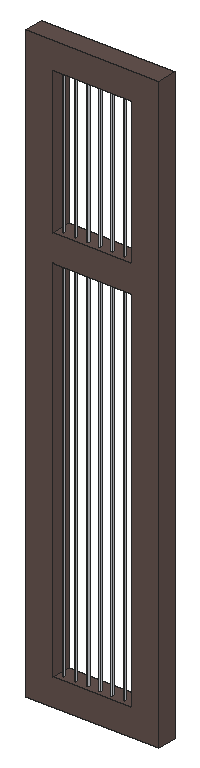
Revit family "RYN_WIN_1 Panel_VirticleLouvers_NoHost", category Windows, Revit 2025
Family settings
  Work Plane-Based = No
  Always vertical = Yes
  Cut with Voids When Loaded = No
  Shared = No
  Room Calculation Point = No
Parameters
  Virtical Louver = no
  Top part = RYN_WIN_Height - Bottom Part  # 1300 mm
  Top Lvr Height = Top part - RYN_WIN_FrameDepth  # 1100 mm
  RYN_WIN_Width = 1000 mm
  RYN_WIN_PanelWidth = RYN_WIN_Width - 2 * RYN_WIN_FrameDepth  # 600 mm
  RYN_WIN_Height = 4500 mm
  RYN_WIN_FrameThickness = 150 mm
  RYN_WIN_FrameDepth = 200 mm
  RYN_Material_WindowFrame = Door - Frame
  RYN_Material_Louver = Door - Panel
  Lvr Blade Width = 60 mm
  Lvr Blade Thickness = 10 mm
  Lvr Blade Side Length = 10 mm
  Lvr Blade Depth = 50 mm
  Louver Numbers = 7
  Default Elevation = 0 mm
  Bottom Part = 3200 mm
  Bottom Lvr Height = Bottom Part - 2 * RYN_WIN_FrameDepth  # 2800 mm
Reference planes
  plane 1 "Center (Front/Back)": y = 0
  plane 2: z = 0
  plane 3 "Center (Left/Right)": x = 0
  plane 4: x = -500
  plane 5: z = 4500
  plane 6: x = 500
  plane 7: z = 3200
  plane 8: z = 3000
  plane 9: z = 200
  plane 10: y = 75
  plane 11: y = -75
  plane 12: z = 4300
Forms (mm)
  Sweep 1, solid, material "Door - Frame" <- "RYN_Material_WindowFrame"
    path origin (0, 0, 0) x (1, 0, 0) y (0, 0, 1)
      loop
        line (-500, 0) -> (500, 0) -> (500, 4500) -> (-500, 4500) -> (-500, 0)
    profile origin (0, 0, 0) x (0, 0, 1) y (0, -1, 0)
      loop
        line (200, -75) -> (200, 75) -> (0, 75) -> (0, -75) -> (200, -75)
  Extrusion 2, solid, material "Door - Frame" <- "RYN_Material_WindowFrame"
    sketch origin (0, 0, 0) x (1, 0, 0) y (0, 0, 1)
      loop
        line (-300, 3000) -> (300, 3000) -> (300, 3200) -> (-300, 3200) -> (-300, 3000)
    from -75 to 75
Cuts and joins
  joined: Sweep 1, Extrusion 2
Dimensions and locks
  "RYN_WIN_Height": plane 5 to plane 2
  equal spacing: plane 6, plane 3 "Center (Left/Right)", plane 4
  "RYN_WIN_Width": plane 6 to plane 4
  equal spacing: Sweep 1 sketch curve, profile plane, Sweep 1 sketch curve
  "RYN_WIN_FrameThickness": Sweep 1 sketch curve to Sweep 1 sketch curve
  "RYN_WIN_FrameDepth": profile plane to Sweep 1 sketch curve
  "RYN_WIN_FrameDepth": plane 7 to plane 8
  "RYN_WIN_FrameDepth": plane 9 to plane 2
  equal spacing: Extrusion 2 sketch curve, plane 3 "Center (Left/Right)", Extrusion 2 sketch curve
  "RYN_WIN_PanelWidth": Extrusion 2 sketch curve to Extrusion 2 sketch curve
  equal spacing: plane 10, plane 1 "Center (Front/Back)", plane 11
  "RYN_WIN_FrameThickness": plane 10 to plane 11
  "Top part": plane 5 to plane 7
  aligned and locked: level to plane 2
  aligned and locked: Sweep 1 sketch curve to plane 2
  aligned and locked: Sweep 1 sketch curve to plane 4
  aligned and locked: plane 5 to Sweep 1 sketch curve
  aligned and locked: Sweep 1 sketch curve to plane 6
  aligned and locked: profile plane to Sweep 1 sketch curve
  aligned and locked: nested 2 to plane 7  (x2)
  aligned and locked: nested 1 to plane 9
  aligned and locked: plane 3 "Center (Left/Right)" to nested 1
  aligned and locked: plane 3 "Center (Left/Right)" to nested 2
  aligned and locked: Extrusion 2 sketch curve to plane 8
  aligned and locked: plane 7 to Extrusion 2 sketch curve
  aligned and locked: Extrusion 2 to plane 10
  aligned and locked: plane 11 to Extrusion 2
  aligned and locked: plane 1 "Center (Front/Back)" to nested 2
  aligned and locked: plane 1 "Center (Front/Back)" to nested 1
Nested families
  nested 1: "VIRTICAL LOUVER SET - BOTTOM" at (0, 0, 200), type "BOTTOM"
    with LVR NOS 7, LVR WIDTH 600 mm, LVR HEIGHT 2800 mm, LVR DIST 400 mm
  nested 2: "VIRTICAL LOUVER SET - TOP" at (0, 0, 3200), type "TOP"
    with LVR WIDTH 600 mm, LVR HEIGHT 1100 mm, LVR DIST 157.143 mm
Definition of nested family "VIRTICAL LOUVER SET - BOTTOM"
  Parameters (values of type "VIRTICAL LOUVER SET")
    Lvr Blade Width = 60 mm
    Lvr Blade Thickness = 10 mm
    Lvr Blade Side Length = 10 mm
    Lvr Blade Depth = 50 mm
    Louvers = Louver : Louver
    LVR NOS = 10
    Louver = none
    LVR WIDTH = 800 mm
    LVR HEIGHT = 1400 mm
    LVR DIST = LVR HEIGHT / LVR NOS  # 140 mm
    Default Elevation = 0 mm
  Reference planes
    plane 1 "Center (Front/Back)": y = 0
    plane 2: z = 0
    plane 3 "Center (Left/Right)": x = 0
    plane 4: x = 400
    plane 5: z = 1400
    plane 6: x = -400
    plane 7: x = -260
  Dimensions and locks
    "LVR WIDTH": plane 4 to plane 6
    equal spacing: plane 4, plane 3 "Center (Left/Right)", plane 6
    "LVR HEIGHT": plane 5 to plane 2
    "LVR DIST": plane 7 to plane 6
    equal spacing: group 2, group 4, group 5, group 6, group 7, group 8, group 9, group 10, group 11, group 3  (x3)
    aligned and locked: level to plane 2
    aligned and locked: nested 2 to plane 2
    aligned and locked: plane 6 to nested 2
    aligned and locked: nested 3 to plane 2
    aligned and locked: nested 3 to plane 4
    aligned and locked: plane 1 "Center (Front/Back)" to nested 2
    aligned and locked: plane 1 "Center (Front/Back)" to nested 3
  Nested families
    nested 1: "LOUVER GEN MOD" at (999.017, 28.75, 1534.445), type "LOUVER GEN MOD", not visible
      with LENGTH 800 mm
    nested 2: "LOUVER GEN MOD - VIRTICAL" at (-375, 0, 700), type "LOUVER GEN MOD - VIRTICAL"
      with Lvr Blade Width 60 mm, Lvr Blade Thickness 10 mm, Lvr Blade Depth 50 mm, LENGTH 1400 mm
    nested 3: "LOUVER GEN MOD - VIRTICAL" at (375, 0, 700), type "LOUVER GEN MOD - VIRTICAL"
      with Lvr Blade Width 60 mm, Lvr Blade Thickness 10 mm, Lvr Blade Depth 50 mm, LENGTH 1400 mm
    nested 4: "LOUVER GEN MOD - VIRTICAL" at (-291.667, 0, 700), type "LOUVER GEN MOD - VIRTICAL"
      with Lvr Blade Width 60 mm, Lvr Blade Thickness 10 mm, Lvr Blade Depth 50 mm, LENGTH 1400 mm
    nested 5: "LOUVER GEN MOD - VIRTICAL" at (-208.333, 0, 700), type "LOUVER GEN MOD - VIRTICAL"
      with Lvr Blade Width 60 mm, Lvr Blade Thickness 10 mm, Lvr Blade Depth 50 mm, LENGTH 1400 mm
    nested 6: "LOUVER GEN MOD - VIRTICAL" at (-125, 0, 700), type "LOUVER GEN MOD - VIRTICAL"
      with Lvr Blade Width 60 mm, Lvr Blade Thickness 10 mm, Lvr Blade Depth 50 mm, LENGTH 1400 mm
    nested 7: "LOUVER GEN MOD - VIRTICAL" at (-41.667, 0, 700), type "LOUVER GEN MOD - VIRTICAL"
      with Lvr Blade Width 60 mm, Lvr Blade Thickness 10 mm, Lvr Blade Depth 50 mm, LENGTH 1400 mm
    nested 8: "LOUVER GEN MOD - VIRTICAL" at (41.667, 0, 700), type "LOUVER GEN MOD - VIRTICAL"
      with Lvr Blade Width 60 mm, Lvr Blade Thickness 10 mm, Lvr Blade Depth 50 mm, LENGTH 1400 mm
    nested 9: "LOUVER GEN MOD - VIRTICAL" at (125, 0, 700), type "LOUVER GEN MOD - VIRTICAL"
      with Lvr Blade Width 60 mm, Lvr Blade Thickness 10 mm, Lvr Blade Depth 50 mm, LENGTH 1400 mm
    nested 10: "LOUVER GEN MOD - VIRTICAL" at (208.333, 0, 700), type "LOUVER GEN MOD - VIRTICAL"
      with Lvr Blade Width 60 mm, Lvr Blade Thickness 10 mm, Lvr Blade Depth 50 mm, LENGTH 1400 mm
    nested 11: "LOUVER GEN MOD - VIRTICAL" at (291.667, 0, 700), type "LOUVER GEN MOD - VIRTICAL"
      with Lvr Blade Width 60 mm, Lvr Blade Thickness 10 mm, Lvr Blade Depth 50 mm, LENGTH 1400 mm
  Definition of nested family "LOUVER GEN MOD"
    Parameters (values of type "LOUVER GEN MOD")
      LVR MATERIAL = none
      LENGTH = 750 mm
      Default Elevation = 0 mm
    Reference planes
      plane 1 "Center (Front/Back)": y = 0
      plane 2: z = 0
      plane 3 "Center (Left/Right)": x = 0
    Forms (mm)
      Extrusion 1, solid, material <- "LVR MATERIAL"
        sketch origin (0, -3.632, -132.296) x (0, 1, 0) y (0, 0, 1)
          loop
            line (-15.118, 103.546) -> (-12.618, 103.546) -> (-12.618, 112.511) -> (24.882, 150.011) -> (24.882, 160.011) -> (22.382, 160.011) -> (22.382, 151.046) -> (-15.118, 113.546) -> (-15.118, 103.546)
        from -375 to 375
    Dimensions and locks
      "LENGTH": Extrusion 1 to Extrusion 1
      equal spacing: Extrusion 1, plane 3 "Center (Left/Right)", Extrusion 1
      aligned and locked: level to plane 2
    Automatic sketch dimensions
      plane 1 "Center (Front/Back)" to Extrusion 1 sketch curve = 18.75 mm
      Extrusion 1 sketch curve to Extrusion 1 sketch curve = 2.5 mm  (x2)
      Extrusion 1 sketch curve to plane 1 "Center (Front/Back)" = 18.75 mm
      Extrusion 1 sketch curve to level = 28.75 mm
      Extrusion 1 sketch curve to Extrusion 1 sketch curve = 8.964 mm  (x2)
      Extrusion 1 sketch curve to Extrusion 1 sketch curve = 1.036 mm  (x2)
      level to Extrusion 1 sketch curve = 17.714 mm
  Definition of nested family "LOUVER GEN MOD - VIRTICAL"
    Parameters (values of type "LOUVER GEN MOD - VIRTICAL")
      Lvr Blade Width = 57.5 mm
      Lvr Blade Thickness = 2.5 mm
      Lvr Blade Side Length = 10 mm
      Lvr Blade Depth = 37.5 mm
      LVR MATERIAL = none
      LENGTH = 800 mm
      Default Elevation = 0 mm
    Reference planes
      plane 1 "Center (Front/Back)": y = 0
      plane 2: z = 0
      plane 3 "Center (Left/Right)": x = 0
      plane 4: x = -18.75
      plane 5: x = 18.75
      plane 6: y = 28.75
      plane 7: y = -28.75
      plane 8: z = 400
      plane 9: z = -400
    Forms (mm)
      Extrusion 1, solid
        sketch origin (0, 0, 0) x (1, 0, 0) y (0, 1, 0)
          loop
            line (18.75, -28.75) -> (18.75, -18.75) -> (-16.25, 19.717) -> (-16.25, 28.75) -> (-18.75, 28.75) -> (-18.75, 18.75) -> (16.25, -19.717) -> (16.25, -28.75) -> (18.75, -28.75)
        from -400 to 400
    Dimensions and locks
      "Lvr Blade Thickness": Extrusion 1 sketch curve to Extrusion 1 sketch curve  (x3)
      "Lvr Blade Depth": plane 4 to plane 5
      equal spacing: plane 4, plane 3 "Center (Left/Right)", plane 5
      "Lvr Blade Side Length": plane 6 to Extrusion 1 sketch curve
      "Lvr Blade Side Length": Extrusion 1 sketch curve to plane 7
      equal spacing: plane 6, plane 1 "Center (Front/Back)", plane 7
      "Lvr Blade Width": plane 6 to plane 7
      "LENGTH": plane 8 to plane 9
      equal spacing: plane 8, plane 2, plane 9
      aligned and locked: level to plane 2
      aligned and locked: plane 4 to Extrusion 1 sketch curve
      aligned and locked: plane 5 to Extrusion 1 sketch curve
      aligned and locked: plane 7 to Extrusion 1 sketch curve
      aligned and locked: plane 6 to Extrusion 1 sketch curve
      aligned and locked: plane 9 to Extrusion 1
      aligned and locked: plane 8 to Extrusion 1
Definition of nested family "VIRTICAL LOUVER SET - TOP"
  Parameters (values of type "VIRTICAL LOUVER SET")
    Lvr Blade Width = 60 mm
    Lvr Blade Thickness = 10 mm
    Lvr Blade Side Length = 10 mm
    Lvr Blade Depth = 50 mm
    Louvers = LOUVER GEN MOD - VIRTICAL : LOUVER GEN MOD - VIRTICAL
    LVR NOS = 7
    Louver = none
    LVR WIDTH = 800 mm
    LVR HEIGHT = 1400 mm
    LVR DIST = LVR HEIGHT / LVR NOS  # 200 mm
    Default Elevation = 0 mm
  Reference planes
    plane 1 "Center (Front/Back)": y = 0
    plane 2: z = 0
    plane 3 "Center (Left/Right)": x = 0
    plane 4: x = 400
    plane 5: z = 1400
    plane 6: x = -400
    plane 7: x = -200
  Dimensions and locks
    "LVR WIDTH": plane 4 to plane 6
    equal spacing: plane 4, plane 3 "Center (Left/Right)", plane 6
    "LVR HEIGHT": plane 5 to plane 2
    "LVR DIST": plane 7 to plane 6
    equal spacing: group 2, group 4, group 5, group 6, group 7, group 8, group 3  (x3)
    aligned and locked: level to plane 2
    aligned and locked: nested 2 to plane 2
    aligned and locked: plane 6 to nested 2
    aligned and locked: nested 3 to plane 2
    aligned and locked: nested 3 to plane 4
    aligned and locked: plane 1 "Center (Front/Back)" to nested 2
    aligned and locked: plane 1 "Center (Front/Back)" to nested 3
  Nested families
    nested 1: "LOUVER GEN MOD" at (999.017, 28.75, 1534.445), type "LOUVER GEN MOD", not visible
      with LENGTH 800 mm
    nested 2: "LOUVER GEN MOD - VIRTICAL" at (-375, 0, 700), type "LOUVER GEN MOD - VIRTICAL"
      with Lvr Blade Width 60 mm, Lvr Blade Thickness 10 mm, Lvr Blade Depth 50 mm, LENGTH 1400 mm
    nested 3: "LOUVER GEN MOD - VIRTICAL" at (375, 0, 700), type "LOUVER GEN MOD - VIRTICAL"
      with Lvr Blade Width 60 mm, Lvr Blade Thickness 10 mm, Lvr Blade Depth 50 mm, LENGTH 1400 mm
    nested 4: "LOUVER GEN MOD - VIRTICAL" at (-250, 0, 700), type "LOUVER GEN MOD - VIRTICAL"
      with Lvr Blade Width 60 mm, Lvr Blade Thickness 10 mm, Lvr Blade Depth 50 mm, LENGTH 1400 mm
    nested 5: "LOUVER GEN MOD - VIRTICAL" at (-125, 0, 700), type "LOUVER GEN MOD - VIRTICAL"
      with Lvr Blade Width 60 mm, Lvr Blade Thickness 10 mm, Lvr Blade Depth 50 mm, LENGTH 1400 mm
    nested 6: "LOUVER GEN MOD - VIRTICAL" at (0, 0, 700), type "LOUVER GEN MOD - VIRTICAL"
      with Lvr Blade Width 60 mm, Lvr Blade Thickness 10 mm, Lvr Blade Depth 50 mm, LENGTH 1400 mm
    nested 7: "LOUVER GEN MOD - VIRTICAL" at (125, 0, 700), type "LOUVER GEN MOD - VIRTICAL"
      with Lvr Blade Width 60 mm, Lvr Blade Thickness 10 mm, Lvr Blade Depth 50 mm, LENGTH 1400 mm
    nested 8: "LOUVER GEN MOD - VIRTICAL" at (250, 0, 700), type "LOUVER GEN MOD - VIRTICAL"
      with Lvr Blade Width 60 mm, Lvr Blade Thickness 10 mm, Lvr Blade Depth 50 mm, LENGTH 1400 mm
  Definition of nested family "LOUVER GEN MOD"
    Parameters (values of type "LOUVER GEN MOD")
      LVR MATERIAL = none
      LENGTH = 750 mm
      Default Elevation = 0 mm
    Reference planes
      plane 1 "Center (Front/Back)": y = 0
      plane 2: z = 0
      plane 3 "Center (Left/Right)": x = 0
    Forms (mm)
      Extrusion 1, solid, material <- "LVR MATERIAL"
        sketch origin (0, -3.632, -132.296) x (0, 1, 0) y (0, 0, 1)
          loop
            line (-15.118, 103.546) -> (-12.618, 103.546) -> (-12.618, 112.511) -> (24.882, 150.011) -> (24.882, 160.011) -> (22.382, 160.011) -> (22.382, 151.046) -> (-15.118, 113.546) -> (-15.118, 103.546)
        from -375 to 375
    Dimensions and locks
      "LENGTH": Extrusion 1 to Extrusion 1
      equal spacing: Extrusion 1, plane 3 "Center (Left/Right)", Extrusion 1
      aligned and locked: level to plane 2
    Automatic sketch dimensions
      plane 1 "Center (Front/Back)" to Extrusion 1 sketch curve = 18.75 mm
      Extrusion 1 sketch curve to Extrusion 1 sketch curve = 2.5 mm  (x2)
      Extrusion 1 sketch curve to plane 1 "Center (Front/Back)" = 18.75 mm
      Extrusion 1 sketch curve to level = 28.75 mm
      Extrusion 1 sketch curve to Extrusion 1 sketch curve = 8.964 mm  (x2)
      Extrusion 1 sketch curve to Extrusion 1 sketch curve = 1.036 mm  (x2)
      level to Extrusion 1 sketch curve = 17.714 mm
  Definition of nested family "LOUVER GEN MOD - VIRTICAL"
    Parameters (values of type "LOUVER GEN MOD - VIRTICAL")
      Lvr Blade Width = 57.5 mm
      Lvr Blade Thickness = 2.5 mm
      Lvr Blade Side Length = 10 mm
      Lvr Blade Depth = 37.5 mm
      LVR MATERIAL = none
      LENGTH = 800 mm
      Default Elevation = 0 mm
    Reference planes
      plane 1 "Center (Front/Back)": y = 0
      plane 2: z = 0
      plane 3 "Center (Left/Right)": x = 0
      plane 4: x = -18.75
      plane 5: x = 18.75
      plane 6: y = 28.75
      plane 7: y = -28.75
      plane 8: z = 400
      plane 9: z = -400
    Forms (mm)
      Extrusion 1, solid
        sketch origin (0, 0, 0) x (1, 0, 0) y (0, 1, 0)
          loop
            line (18.75, -28.75) -> (18.75, -18.75) -> (-16.25, 19.717) -> (-16.25, 28.75) -> (-18.75, 28.75) -> (-18.75, 18.75) -> (16.25, -19.717) -> (16.25, -28.75) -> (18.75, -28.75)
        from -400 to 400
    Dimensions and locks
      "Lvr Blade Thickness": Extrusion 1 sketch curve to Extrusion 1 sketch curve  (x3)
      "Lvr Blade Depth": plane 4 to plane 5
      equal spacing: plane 4, plane 3 "Center (Left/Right)", plane 5
      "Lvr Blade Side Length": plane 6 to Extrusion 1 sketch curve
      "Lvr Blade Side Length": Extrusion 1 sketch curve to plane 7
      equal spacing: plane 6, plane 1 "Center (Front/Back)", plane 7
      "Lvr Blade Width": plane 6 to plane 7
      "LENGTH": plane 8 to plane 9
      equal spacing: plane 8, plane 2, plane 9
      aligned and locked: level to plane 2
      aligned and locked: plane 4 to Extrusion 1 sketch curve
      aligned and locked: plane 5 to Extrusion 1 sketch curve
      aligned and locked: plane 7 to Extrusion 1 sketch curve
      aligned and locked: plane 6 to Extrusion 1 sketch curve
      aligned and locked: plane 9 to Extrusion 1
      aligned and locked: plane 8 to Extrusion 1
